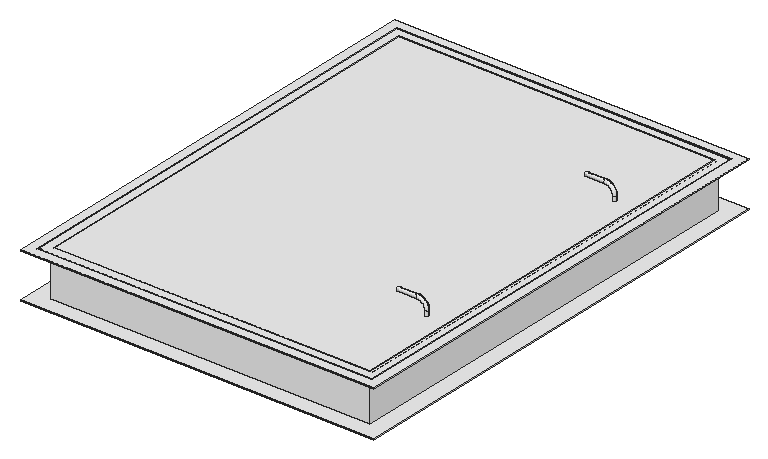
Revit family "Access_Door-Acudor-Fire_Rated_Insulated-FW-5050-UP_Series", category Specialty Equipment, host Face, Revit 2014
Parameters (values of type "FW-5050-UP 22x30")
  Width = 22"
  URL = "http://acudor.com/"
  Type Comments = ""
  Rim Cylinder Lock = no
  Revised Date = "08/28/2018"  # constant formula
  Product Page URL = "https://www.acudor.com/products/fire-rated-access-doors/fw-5050-up"
  Product Documentation Link = "https://www.acudor.com/images/acudor/accessdoors/firerated/FW5050UP/FW5050UP_PS.pdf"
  Model = "FW-5050-UP 22x30"
  Material = "Stainless Steel-Acudor-20 Gauge-Satin"  # constant formula
  Manufacturer = "Acudor"
  Length = 3 11/64"  # constant formula
  L-Handle = yes
  Installation Type = "Ceiling Mounted"
  Height = 30"
  Finish = Stainless Steel-Acudor-20 Gauge-Satin
  Description = "Fire Rated, Insulated Access Door for Ceilings"  # constant formula
  Default Elevation = 0"  # constant formula
  Creation Date = "08/28/2018"  # constant formula
  Assembly Code = "C1020700"
  2 Latches = not([1 Latch])  # yes
  1 Latch = no
Types (5): name | Width | Model | Height | 2 Latches | 1 Latch
  (no name) | 22" | "FW-5050-UP 22x30" | 30" | yes | no
  FW-5050-UP 22x30 | 22" | "FW-5050-UP 22x30" | 30" | yes | no
  FW-5050-UP 22x36 | 22" | "FW-5050-UP 22x36" | 30" | yes | no
  FW-5050-UP 24x24 | 24" | "FW-5050-UP 24x24" | 24" | no | yes
  FW-5050-UP 24x36 | 24" | "FW-5050-UP 24x36" | 36" | yes | no
Reference planes (in)
  plane 1 "Center (Front/Back)": y = 0
  plane 2: z = 0
  plane 3 "Center (Left/Right)": x = 0
  plane 4: y = 16.287
  plane 5: y = -16.287
  plane 6: x = 12.287
  plane 7: x = -12.287
  plane 8: y = 15
  plane 9: y = -15
  plane 10: x = 11
  plane 11: x = -11
  plane 12: z = -3.17188
  plane 13: z = -1
  plane 14: x = 9.49388
  plane 15: y = 8.162
  plane 16: y = -8.162
  plane 17: y = 15.6435
  plane 18: y = 15.6435
  plane 19: x = 11.6435
  plane 20: y = -15.6435
  plane 21: x = -11.6435
  plane 22: z = 2
  plane 23: z = 1
  plane 24: x = 7.49388
Forms (in)
  Sweep 1, solid, material "Stainless Steel-Acudor-20 Gauge-Satin" <- "Finish"
    path origin (-1.5, 1.5, 0) x (1, 0, 0) y (0, 1, 0)
      loop
        line (-9.5, 13.5) -> (-9.5, -16.5) -> (12.5, -16.5) -> (12.5, 13.5) -> (-9.5, 13.5)
    profile origin (0, 15, 0) x (0, 1, 0) y (0, 0, 1)
      loop
        line (0, 0) -> (-0.0625, 0) -> (-0.0625, 0.0625) -> (-1.67717, 0.0625) -> (-1.67717, -3.17188) -> (1.287, -3.17188) -> (1.287, -3.10938) -> (0.10052, -3.10938) -> (0.10052, 0) -> (1.287, 0) -> (1.287, 0.0625) -> (0, 0.0625) -> (0, 0)
  Extrusion 2, solid, material "Stainless Steel-Acudor-20 Gauge-Satin" <- "Finish"
    sketch origin (-1.5, 1.5, 0) x (1, 0, 0) y (0, 1, 0)
      loop
        line (-7.82283, 11.82283) -> (-7.82283, -14.82283) -> (10.82283, -14.82283) -> (10.82283, 11.82283) -> (-7.82283, 11.82283)
    from -3.17188 to 0.0625
  Extrusion 3, void
    sketch origin (-1.5, 1.5, 0) x (1, 0, 0) y (0, 1, 0)
      loop
        line (-9.5, 13.5) -> (-9.5, -16.5) -> (12.5, -16.5) -> (12.5, 13.5) -> (-9.5, 13.5)
    from -3.17187 to 0.0625
  Extrusion 4, void
    sketch origin (-1.5, 1.5, 0) x (1, 0, 0) y (0, 1, 0)
      loop
        line (-10.1435, 14.1435) -> (-10.1435, -17.1435) -> (13.1435, -17.1435) -> (13.1435, 14.1435) -> (-10.1435, 14.1435)
      loop
        line (-10.081, 14.081) -> (-10.081, -17.081) -> (13.081, -17.081) -> (13.081, 14.081) -> (-10.081, 14.081)
    from 0.03718 to 2
  Sweep 5, solid, material "Stainless Steel-Acudor-20 Gauge-Satin", visible <- "2 Latches"
    path origin (0, 0, 0) x (1, 0, 0) y (0, 0, 1)
      loop
        line (9.49388, 0.0625) -> (9.49388, 0.37311)
        arc (9.49388, 0.37311) -> (9.31027, 0.81639) -> (8.867, 1) r 0.62689
        line (8.867, 1) -> (7.49388, 1)
    profile origin (9.49388, 0, 0.21781) x (-1, 0, 0) y (0, -1, 0)
      loop
        circle (0, -8.162) r 0.125
      loop
        circle (0, 8.162) r 0.125
  Sweep 6, solid, material "Stainless Steel-Acudor-20 Gauge-Satin", visible <- "1 Latch"
    path origin (0, -8.162, 0) x (1, 0, 0) y (0, 0, 1)
      loop
        line (9.49388, 0.0625) -> (9.49388, 0.37311)
        arc (9.49388, 0.37311) -> (9.31027, 0.81639) -> (8.867, 1) r 0.62689
        line (8.867, 1) -> (7.49388, 1)
    profile origin (9.49388, -8.162, 0.21781) x (-1, 0, 0) y (0, -1, 0)
      loop
        circle (0, -8.162) r 0.125
Cuts and joins
  Extrusion 4 cuts Sweep 1
  Extrusion 4 cuts Extrusion 2
  joined: Sweep 1, Extrusion 2
Lines and regions (in)
  Masking region 1
    outline origin (0, 0, 0) x (1, 0, 0) y (0, 0, 1)
      loop
        line (12.287, -3.17188) -> (12.287, -3.10938) -> (11.10052, -3.10938) -> (11.10052, 0) -> (12.287, 0) -> (12.287, 0.0625) -> (9.61888, 0.0625) -> (9.61888, 0.375)
        arc (9.61888, 0.375) -> (9.39921, 0.90533) -> (8.86888, 1.125) r 0.75
        line (8.86888, 1.125) -> (7.49388, 1.125) -> (7.49388, 0.875) -> (8.86888, 0.875)
        arc (8.86888, 0.875) -> (9.22244, 0.72855) -> (9.36888, 0.375) r 0.5
        line (9.36888, 0.375) -> (9.36888, 0.0625) -> (-12.287, 0.0625) -> (-12.287, 0) -> (-11.10052, 0) -> (-11.10052, -3.10938) -> (-12.287, -3.10938) -> (-12.287, -3.17188) -> (12.287, -3.17188)
  Masking region 2
    outline origin (-1.5, 1.5, 0) x (1, 0, 0) y (0, 1, 0)
      loop
        line (-10.787, 14.787) -> (-10.787, -17.787) -> (13.787, -17.787) -> (13.787, 14.787) -> (-10.787, 14.787)
  symbolic lines, detail levels medium+fine
    curve 1: line (11.10052, 0, -3.10938) -> (-11.10052, 0, -3.10938)
    curve 2: line (11.10052, 0, 0) -> (-11.10052, 0, 0)
    curve 3: line (9.61888, 0, 0.0625) -> (9.36888, 0, 0.0625)
    curve 4: line (-11.6435, 15.6435, 0) -> (11.6435, 15.6435, 0)
    curve 5: line (-11.6435, -15.6435, 0) -> (-11.6435, 15.6435, 0)
    curve 6: line (11.6435, -15.6435, 0) -> (-11.6435, -15.6435, 0)
    curve 7: line (11.6435, 15.6435, 0) -> (11.6435, -15.6435, 0)
    curve 8: line (-11.581, 15.581, 0) -> (11.581, 15.581, 0)
    curve 9: line (-11.581, -15.581, 0) -> (-11.581, 15.581, 0)
    curve 10: line (11.581, -15.581, 0) -> (-11.581, -15.581, 0)
    curve 11: line (11.581, 15.581, 0) -> (11.581, -15.581, 0)
    curve 12: line (-11, 15, 0) -> (11, 15, 0)
    curve 13: line (-11, -15, 0) -> (-11, 15, 0)
    curve 14: line (11, -15, 0) -> (-11, -15, 0)
    curve 15: line (11, 15, 0) -> (11, -15, 0)
    curve 16: line (-10.9375, 14.9375, 0) -> (10.9375, 14.9375, 0)
    curve 17: line (-10.9375, -14.9375, 0) -> (-10.9375, 14.9375, 0)
    curve 18: line (10.9375, -14.9375, 0) -> (-10.9375, -14.9375, 0)
    curve 19: line (10.9375, 14.9375, 0) -> (10.9375, -14.9375, 0)
  symbolic lines, visible <- "2 Latches", detail levels medium+fine
    curve 20: line (7.49388, 8.287, 0) -> (7.49388, 8.037, 0)
    curve 21: line (7.49388, 8.037, 0) -> (9.49388, 8.037, 0)
    curve 22: line (7.49388, 8.287, 0) -> (9.49388, 8.287, 0)
    curve 23: arc (9.49388, 8.287, 0) -> (9.61888, 8.162, 0) -> (9.49388, 8.037, 0) r 0.125
    curve 27: line (9.49388, -8.037, 0) -> (7.49388, -8.037, 0)
    curve 28: line (7.49388, -8.037, 0) -> (7.49388, -8.287, 0)
    curve 29: line (7.49388, -8.287, 0) -> (9.49388, -8.287, 0)
    curve 30: arc (9.49388, -8.287, 0) -> (9.61888, -8.162, 0) -> (9.49388, -8.037, 0) r 0.125
  symbolic lines, visible <- "1 Latch", detail levels medium+fine
    curve 24: line (7.49388, 0.125, 0) -> (7.49388, -0.125, 0)
    curve 25: line (7.49388, -0.125, 0) -> (9.49388, -0.125, 0)
    curve 26: line (7.49388, 0.125, 0) -> (9.49388, 0.125, 0)
    curve 31: arc (9.49388, -0.125, 0) -> (9.61888, 0, 0) -> (9.49388, 0.125, 0) r 0.125
Dimensions and locks (in)
  "Height": plane 8 to plane 9
  equal spacing: plane 11, plane 3 "Center (Left/Right)", plane 10
  "Width": plane 11 to plane 10
  locked: plane 4 to plane 8 at 1.287
  locked: plane 5 to plane 9 at 1.287
  locked: plane 7 to plane 11 at 1.287
  locked: plane 10 to plane 6 at 1.287
  "Length": plane 12 to level
  locked: plane 13 to level at 1
  locked: plane 14 to plane 10 at 1.50612
  locked: plane 4 to plane 15 at 8.125
  locked: plane 5 to plane 16 at 8.125
  equal spacing: plane 4, plane 17, plane 8
  locked: plane 8 to Sweep 1 sketch curve at 1.67717
  locked: Sweep 1 sketch curve to level at 0.0625
  locked: plane 8 to Sweep 1 sketch curve at 0.0625
  locked: Sweep 1 sketch curve to plane 8 at 0.10052
  locked: plane 12 to Sweep 1 sketch curve at 0.0625
  equal spacing: plane 8, plane 1 "Center (Front/Back)", plane 9
  equal spacing: plane 4, plane 18, plane 8
  equal spacing: plane 5, plane 20, plane 9
  equal spacing: plane 10, plane 19, plane 6
  equal spacing: plane 7, plane 21, plane 11
  locked: Extrusion 4 sketch curve to Extrusion 4 sketch curve at 0.0625  (x4)
  locked: level to cut or joined group of Sweep 1, Extrusion 2, Extrusion 4 at 0.03718
  locked: level to plane 22 at 2
  equal spacing: level, plane 23, plane 22
  locked: plane 14 to plane 24 at 2
  equal spacing: Masking region 1 sketch curve, plane 14, Masking region 1 sketch curve
  locked: Masking region 1 sketch curve to Masking region 1 sketch curve at 0.25  (x2)
  equal spacing: Masking region 1 sketch curve, plane 23, Masking region 1 sketch curve
  radius of Sweep 5 sketch curve = 0.62689"
  diameter of Sweep 5 sketch curve = 1/4"  (x2)
  radius of Sweep 6 sketch curve = 0.62689"
  diameter of Sweep 6 sketch curve = 1/4"
  radius of Masking region 1 sketch curve = 1/2"
  radius of Masking region 1 sketch curve = 3/4"
  aligned and locked: plane 2 to host face
  aligned and locked: level to host face
  aligned and locked: Sweep 1 sketch curve to plane 8  (x2)
  aligned and locked: Sweep 1 sketch curve to plane 11
  aligned and locked: Sweep 1 sketch curve to plane 9
  aligned and locked: Sweep 1 sketch curve to plane 10
  aligned and locked: Sweep 1 sketch curve to level  (x2)
  aligned and locked: plane 12 to Sweep 1 sketch curve
  aligned and locked: plane 4 to Sweep 1 sketch curve
  aligned and locked: Sweep 1 sketch curve to plane 4
  aligned and locked: Sweep 1 sketch curve to Sweep 1 sketch curve
  aligned and locked: Extrusion 2 sketch curve to Sweep 1  (x4)
  aligned and locked: Extrusion 2 to plane 12
  aligned and locked: Sweep 1 to Extrusion 2
  aligned and locked: Extrusion 3 sketch curve to Sweep 1  (x4)
  aligned and locked: Extrusion 3 to plane 12
  aligned and locked: Sweep 1 to Extrusion 3
  aligned and locked: Extrusion 4 sketch curve to plane 18
  aligned and locked: Extrusion 4 sketch curve to plane 21
  aligned and locked: Extrusion 4 sketch curve to plane 20
  aligned and locked: Extrusion 4 sketch curve to plane 19
  aligned and locked: Extrusion 4 to plane 22
  aligned and locked: plane 24 to Sweep 5 sketch curve
  aligned and locked: Sweep 5 sketch curve to plane 23
  aligned and locked: Sweep 5 sketch curve to plane 14
  aligned and locked: cut or joined group of Sweep 1, Extrusion 2, Extrusion 4 to Sweep 5 sketch curve
  aligned and locked: plane 14 to Sweep 5 sketch curve  (x2)
  aligned and locked: plane 15 to Sweep 5 sketch curve
  aligned and locked: plane 16 to Sweep 5 sketch curve
  aligned and locked: plane 1 "Center (Front/Back)" to Sweep 6 sketch curve
  aligned and locked: plane 14 to Sweep 6 sketch curve
  aligned and locked: Sweep 6 sketch curve to plane 14
  aligned and locked: Sweep 6 sketch curve to plane 23
  aligned and locked: plane 24 to Sweep 6 sketch curve
  aligned and locked: Masking region 1 sketch curve to plane 24
  aligned and locked: Masking region 1 sketch curve to cut or joined group of Sweep 1, Extrusion 2, Extrusion 4  (x6)
  aligned and locked: Masking region 1 sketch curve to plane 6  (x2)
  aligned and locked: level to Masking region 1 sketch curve  (x2)
  aligned and locked: Masking region 1 sketch curve to plane 12
  aligned and locked: Masking region 1 sketch curve to plane 7  (x2)
  aligned and locked: curve 3 to Masking region 1
  aligned and locked: Masking region 1 to curve 3
  aligned and locked: cut or joined group of Sweep 1, Extrusion 2, Extrusion 4 to Sweep 5
  aligned and locked: Masking region 1 to curve 2
  aligned and locked: curve 1 to Masking region 1
  aligned and locked: Masking region 1 to curve 1  (x2)
  aligned and locked: curve 2 to host face
  aligned and locked: curve 2 to Masking region 1
  aligned and locked: Masking region 2 sketch curve to cut or joined group of Sweep 1, Extrusion 2, Extrusion 4  (x4)
  aligned and locked: curve 4 to cut or joined group of Sweep 1, Extrusion 2, Extrusion 4
  aligned and locked: curve 5 to cut or joined group of Sweep 1, Extrusion 2, Extrusion 4
  aligned and locked: curve 6 to cut or joined group of Sweep 1, Extrusion 2, Extrusion 4
  aligned and locked: curve 7 to cut or joined group of Sweep 1, Extrusion 2, Extrusion 4
  aligned and locked: curve 8 to cut or joined group of Sweep 1, Extrusion 2, Extrusion 4
  aligned and locked: curve 9 to cut or joined group of Sweep 1, Extrusion 2, Extrusion 4
  aligned and locked: curve 10 to cut or joined group of Sweep 1, Extrusion 2, Extrusion 4
  aligned and locked: curve 11 to cut or joined group of Sweep 1, Extrusion 2, Extrusion 4
  aligned and locked: curve 12 to cut or joined group of Sweep 1, Extrusion 2, Extrusion 4
  aligned and locked: curve 13 to cut or joined group of Sweep 1, Extrusion 2, Extrusion 4
  aligned and locked: curve 14 to cut or joined group of Sweep 1, Extrusion 2, Extrusion 4
  aligned and locked: curve 15 to cut or joined group of Sweep 1, Extrusion 2, Extrusion 4
  aligned and locked: curve 16 to cut or joined group of Sweep 1, Extrusion 2, Extrusion 4
  aligned and locked: curve 17 to cut or joined group of Sweep 1, Extrusion 2, Extrusion 4
  aligned and locked: curve 18 to cut or joined group of Sweep 1, Extrusion 2, Extrusion 4
  aligned and locked: curve 19 to cut or joined group of Sweep 1, Extrusion 2, Extrusion 4
  aligned and locked: curve 20 to Sweep 5
  aligned and locked: curve 23 to Sweep 5
  aligned and locked: curve 24 to Sweep 6
  aligned and locked: curve 31 to Sweep 6
  aligned and locked: Sweep 5 to curve 28
  aligned and locked: curve 30 to Sweep 5
Automatic sketch dimensions
  host sketch curve to host sketch curve = 96"  (x2)
  level to Sweep 6 sketch curve = 1/16"
  level to curve 3 = 1/16"
